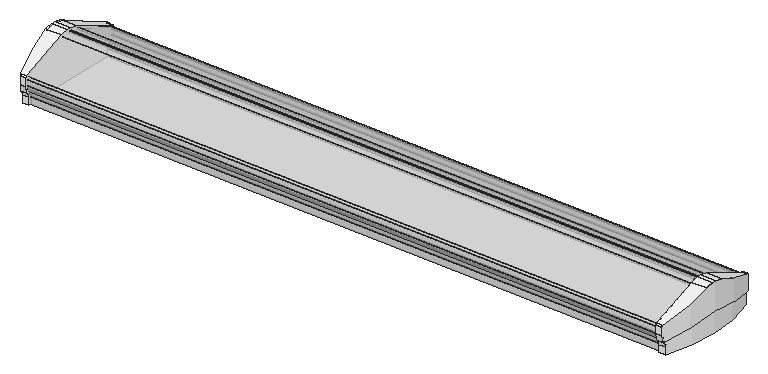
Revit family "0044881 Lighting Fixture_Sylvania_DeltaWing-LED-Emergency 3h_Ceiling Surface", category Lighting Fixtures, host Face, Revit 2017
Family settings
  Host = Face
  Round Connector Dimension = Use Diameter
  Part Type = Normal
  OmniClass Number = 23.80.70.11.17
  OmniClass Title = Specialized Lighting by Location or Use
  Cut with Voids When Loaded = No
  Light Source = Yes
  Shared = No
  Room Calculation Point = No
Parameters (values of type "DELTAWING LED72 EB 4K E3 1200")
  Width = 200.0 mm
  Weight = 3.60 kg
  Wattage = 64.8562 W
  built-in parameter 1150110 = 1 (stored number, unit not read)
  Voltage Comments = "UNV (Universal Voltage; 220-240 Volt)"  # constant formula
  Voltage = 230 V  # constant formula
  URL = "http://www.sylvania-lighting.com"
  built-in parameter 1114217 = 1 (stored number, unit not read)
  Tilt Angle = -90.00°
  built-in parameter 1150109 = 1 (stored number, unit not read)
  built-in parameter 1150134 = 12
  Ta Rating = "-10°C  to +25°C"  # constant formula
  built-in parameter 1150113 = 1 (stored number, unit not read)
  Product Page URL = "http://www.sylvania-lighting.com/product/en-int/products/0044881"
  Product Family = "DELTAWING LED - ELECTRONIC"  # constant formula
  Photometry Comments = ""
  Photometric Web File = "0044881_DELTAWINGLED72EB4KE31200-198009.ies"
  Luminous flux (emergency) = 580
  Life = "50 000h"  # constant formula
  Length = 1218.0 mm
  LOR = "100%"
  Inrush Current (max. quantity per 16A C breaker) = "20"  # constant formula
  IP Rating = "IP44"  # constant formula
  IK Rating = "IK08"  # constant formula
  Height = 85.0 mm
  Glow Wire Test = 850 °C  # constant formula
  Glare Control = "UGR<22"
  Emit from Line Length = Length - 2.0 mm * 29  # 1160.0 mm
  Electrical Protection = "Class I"  # constant formula
  Drive Current = "250mA"
  built-in parameter 1114216 [instance] = 1 (stored number, unit not read)
  Cap Material = Plastic_Sylvania_DeltaWing_White
  Model = "DELTAWING LED72 EB 4K E3 1200"
  Manufacturer = "Feilo Sylvania"
  built-in parameter 1150105 = 577.73 (stored number, unit not read)
  Lumens = 7260 lm
  built-in parameter 1150115 = 1 (stored number, unit not read)
  built-in parameter 1150137 = (empty or 0)
  built-in parameter 1150139 = (empty or 0)
  built-in parameter 1150112 = 1 (stored number, unit not read)
  built-in parameter 1150114 = 1 (stored number, unit not read)
  Lamp = "\tIntegrated LED"  # constant formula
  built-in parameter 1150132 = 2
  built-in parameter 1150102 = (empty or 0)
  built-in parameter 1150107 = 4000 (stored number, unit not read)
  built-in parameter 1150138 = (empty or 0)
  built-in parameter 1150106 = 5.7773 (stored number, unit not read)
  CRI (Ra) = "> 80"  # constant formula
  Body Material = Steel_Sylvania_DeltaWing_White
  built-in parameter 1150104 = 10.4 (stored number, unit not read)
  Dimming Lamp Color Temperature Shift = <None>
  Diffuser Material = Polycarbonate_Sylvania_DeltaWing_Opal_4000K
  Description = "Low profile surface and suspended LED diffuser luminaire DeltaWing LED is perfect to fulfil a wide range of applications, including educational environments, medical buildings, storage facilities and circulation areas including stairwells High performance: delivers up to 7,260lm (luminaire lumen output on 4,000K version), and up to 102lm/W (total system efficiency) Available in neutral white (4,000K) and warm white (3,000K) Smooth Polycarbonate extruded diffuser provides high efficiency, while minimising glare Precision prisms designed to optimise light output and reduce glare Options of non-dimmable, DALI, 3 hour maintained Emergency and Integrated Microwave sensor as standard Integrated Microwave sensor mounted discretely behind the diffuser helps further reduce energy and maintenance bills Suitable for suspended mounting using wire suspension kit (to be ordered seperately) BESA box connection possibility standard on product Long lifetime: 50,000 hours life at 70% of the original output L70 Energy class: A++, A+, A"  # constant formula
  Default Elevation = 0.0 mm
  Color Filter = 16777215
  Catalog Number = "0044881 DELTAWING LED72 EB 4K E3 1200"
  built-in parameter 1140040 [instance] = 1
  built-in parameter 1114218 = 1 (stored number, unit not read)
  built-in parameter 1150133 = 10 (stored number, unit not read)
  Assembly Code = "D5020200"
  Apparent Load = 74 VA
Reference planes
  plane 1 "Center (Front/Back)": y = 0
  plane 2 "Fixture Top": z = 0
  plane 3 "Center (Left/Right)": x = 0
  plane 4 "Fixture Left": x = -609
  plane 5 "Fixture Right": x = 609
  plane 6 "Fixture Back": y = 100
  plane 7 "Fixture Front": y = -100
  plane 8 "Cap left": x = -580
  plane 9 "Cap Right": x = 580
  plane 10 "Lamp Plane": z = 22
  plane 11 "Fixture Bottom": z = 85
  plane 12: y = 20
  plane 13: y = -20
Forms (mm)
  Extrusion 1, solid, material "Steel_Sylvania_DeltaWing_White" <- "Body Material", detail levels fine
    sketch origin (0, 0, 0) x (0, 1, 0) y (0, 0, 1)
      loop
        line (-88.5, 0) -> (88.5, 0) -> (88.5, 13.239) -> (90.848, 22) -> (88.777, 22) -> (86.5, 13.502) -> (86.5, 2) -> (-86.5, 2) -> (-86.5, 13.502) -> (-88.777, 22) -> (-90.848, 22) -> (-88.5, 13.239) -> (-88.5, 0)
    from -580 to 580
  Extrusion 2, solid, material "Polycarbonate_Sylvania_DeltaWing_Opal_4000K" <- "Diffuser Material", detail levels fine
    sketch origin (0, 0, 0) x (0, 1, 0) y (0, 0, 1)
      loop
        line (96, 33.502) -> (94.018, 26.104) -> (92.041, 26.455) -> (88.5, 13.239) -> (88.5, 0) -> (90.5, 0) -> (90.5, 12.975) -> (93.498, 24.165) -> (95.475, 23.815) -> (98, 33.238) -> (98, 44.42)
        arc (98, 44.42) -> (97.319, 46.653) -> (95.506, 48.125) r 4
        line (95.506, 48.125) -> (16.971, 80.055)
        arc (16.971, 80.055) -> (9.581, 82.257) -> (1.906, 83) r 40
        line (1.906, 83) -> (-1.906, 83)
        arc (-1.906, 83) -> (-9.581, 82.257) -> (-16.971, 80.055) r 40
        line (-16.971, 80.055) -> (-95.506, 48.125)
        arc (-95.506, 48.125) -> (-97.319, 46.653) -> (-98, 44.42) r 4
        line (-98, 44.42) -> (-98, 33.238) -> (-95.475, 23.815) -> (-93.498, 24.165) -> (-90.5, 12.975) -> (-90.5, 0) -> (-88.5, 0) -> (-88.5, 13.239) -> (-92.041, 26.455) -> (-94.018, 26.104) -> (-96, 33.502) -> (-96, 43.074)
        arc (-96, 43.074) -> (-95.319, 45.307) -> (-93.506, 46.779) r 4
        line (-93.506, 46.779) -> (-15.978, 78.299)
        arc (-15.978, 78.299) -> (-9.922, 80.17) -> (-3.638, 81) r 37.685
        line (-3.638, 81) -> (3.638, 81)
        arc (3.638, 81) -> (9.922, 80.17) -> (15.978, 78.299) r 37.685
        line (15.978, 78.299) -> (93.506, 46.779)
        arc (93.506, 46.779) -> (95.319, 45.307) -> (96, 43.074) r 4
        line (96, 43.074) -> (96, 33.502)
    from -580 to 580
  Extrusion 3, solid, material "Steel_Sylvania_DeltaWing_White" <- "Body Material", detail levels coarse+medium
    sketch origin (0, 0, 0) x (0, 1, 0) y (0, 0, 1)
      loop
        line (-16.971, 80.055) -> (-95.506, 48.125)
        arc (-95.506, 48.125) -> (-97.319, 46.653) -> (-98, 44.42) r 4
        line (-98, 44.42) -> (-98, 33.238) -> (-95.475, 23.815) -> (-93.498, 24.165) -> (-90.5, 12.975) -> (-90.5, 0) -> (90.5, 0) -> (90.5, 12.975) -> (93.498, 24.165) -> (95.475, 23.815) -> (98, 33.238) -> (98, 44.42)
        arc (98, 44.42) -> (97.319, 46.653) -> (95.506, 48.125) r 4
        line (95.506, 48.125) -> (16.971, 80.055)
        arc (16.971, 80.055) -> (9.581, 82.257) -> (1.906, 83) r 40
        line (1.906, 83) -> (-1.906, 83)
        arc (-1.906, 83) -> (-9.581, 82.257) -> (-16.971, 80.055) r 40
    from -580 to 580
Dimensions and locks
  equal spacing: plane 4 "Fixture Left", plane 3 "Center (Left/Right)", plane 5 "Fixture Right"
  "Length": plane 4 "Fixture Left" to plane 5 "Fixture Right"
  locked: plane 4 "Fixture Left" to plane 8 "Cap left" at 29
  locked: plane 9 "Cap Right" to plane 5 "Fixture Right" at 29
  "Height": plane 11 "Fixture Bottom" to plane 2 "Fixture Top"
  equal spacing: plane 6 "Fixture Back", plane 1 "Center (Front/Back)", plane 7 "Fixture Front"
  "Width": plane 6 "Fixture Back" to plane 7 "Fixture Front"
  equal spacing: plane 12, plane 1 "Center (Front/Back)", plane 13
  locked: Extrusion 1 sketch curve to Extrusion 1 sketch curve at 2
  locked: plane 10 "Lamp Plane" to Extrusion 1 sketch curve at 8.498  (x2)
  aligned and locked: level to host face
  aligned and locked: nested 1 to plane 1 "Center (Front/Back)"
  aligned and locked: nested 1 to plane 5 "Fixture Right"
  aligned and locked: nested 2 to plane 4 "Fixture Left"
  aligned and locked: plane 2 "Fixture Top" to Extrusion 1 sketch curve
  aligned and locked: Extrusion 1 to plane 8 "Cap left"
  aligned and locked: plane 9 "Cap Right" to Extrusion 1
  aligned and locked: Extrusion 2 to plane 8 "Cap left"
  aligned and locked: plane 9 "Cap Right" to Extrusion 2
  aligned and locked: Extrusion 3 sketch curve to Extrusion 2  (x2)
  aligned and locked: Extrusion 3 to plane 8 "Cap left"
  aligned and locked: plane 9 "Cap Right" to Extrusion 3
  aligned and locked: plane 2 "Fixture Top" to nested 2
  aligned and locked: nested 1 to plane 2 "Fixture Top"
  aligned and locked: plane 10 "Lamp Plane" to Extrusion 1 sketch curve  (x2)
  aligned and locked: Extrusion 3 sketch curve to plane 2 "Fixture Top"
  aligned and locked: plane 2 "Fixture Top" to Extrusion 2 sketch curve
  aligned and locked: Extrusion 2 sketch curve to plane 2 "Fixture Top"
  aligned and locked: imposter light to plane 1 "Center (Front/Back)"
  aligned and locked: plane 3 "Center (Left/Right)" to imposter light
  aligned and locked: plane 11 "Fixture Bottom" to imposter light
Automatic sketch dimensions
  host sketch curve to host sketch curve = 1713.741 mm
  host sketch curve to host sketch curve = 1283.632 mm
  plane 7 "Fixture Front" to Extrusion 2 sketch curve = 2.0 mm
  Extrusion 2 sketch curve to plane 10 "Lamp Plane" = 9.025 mm  (x2)
  Extrusion 2 sketch curve to Extrusion 2 sketch curve = 2.0 mm  (x8)
  Extrusion 2 sketch curve to Extrusion 2 sketch curve = 2.494 mm
  plane 10 "Lamp Plane" to Extrusion 2 sketch curve = 1.815 mm  (x2)
  plane 7 "Fixture Front" to Extrusion 2 sketch curve = 4.525 mm
  Extrusion 2 sketch curve to Extrusion 2 sketch curve = 1.457 mm  (x2)
  plane 10 "Lamp Plane" to Extrusion 2 sketch curve = 2.165 mm  (x2)
  Extrusion 2 sketch curve to Extrusion 2 sketch curve = 0.52 mm
  Extrusion 2 sketch curve to Extrusion 2 sketch curve = 1.977 mm  (x3)
  plane 7 "Fixture Front" to Extrusion 2 sketch curve = 9.5 mm
  plane 13 to Extrusion 2 sketch curve = 3.029 mm
  Extrusion 2 sketch curve to Extrusion 2 sketch curve = 0.993 mm  (x2)
  plane 1 "Center (Front/Back)" to Extrusion 2 sketch curve = 3.638 mm
  plane 1 "Center (Front/Back)" to Extrusion 2 sketch curve = 1.906 mm
  Extrusion 2 sketch curve to plane 1 "Center (Front/Back)" = 1.906 mm
  Extrusion 2 sketch curve to Extrusion 2 sketch curve = 1.732 mm
  plane 12 to Extrusion 2 sketch curve = 4.022 mm
  Extrusion 2 sketch curve to plane 6 "Fixture Back" = 11.5 mm
  Extrusion 2 sketch curve to plane 6 "Fixture Back" = 7.959 mm
  Extrusion 2 sketch curve to plane 6 "Fixture Back" = 6.494 mm
  Extrusion 2 sketch curve to plane 6 "Fixture Back" = 4.0 mm
  Extrusion 2 sketch curve to plane 6 "Fixture Back" = 2.0 mm
  Extrusion 2 sketch curve to Extrusion 2 sketch curve = 0.041 mm  (x2)
  Extrusion 2 sketch curve to Extrusion 2 sketch curve = 1.506 mm
  Extrusion 2 sketch curve to Extrusion 2 sketch curve = 0.494 mm
  Extrusion 2 sketch curve to Extrusion 2 sketch curve = 0.263 mm  (x4)
  Extrusion 2 sketch curve to Extrusion 2 sketch curve = 1.939 mm  (x2)
  Extrusion 2 sketch curve to Extrusion 2 sketch curve = 0.351 mm  (x2)
  Extrusion 2 sketch curve to Extrusion 2 sketch curve = 7.134 mm  (x2)
  Extrusion 2 sketch curve to Extrusion 2 sketch curve = 9.572 mm  (x2)
  Extrusion 2 sketch curve to Extrusion 2 sketch curve = 1.346 mm  (x2)
  Extrusion 2 sketch curve to plane 11 "Fixture Bottom" = 6.701 mm
  Extrusion 2 sketch curve to Extrusion 2 sketch curve = 0.0 mm
  Extrusion 2 sketch curve to Extrusion 2 sketch curve = 1.755 mm  (x2)
  Extrusion 2 sketch curve to Extrusion 2 sketch curve = 2.701 mm
  Extrusion 1 sketch curve to Extrusion 1 sketch curve = 2.0 mm  (x2)
  Extrusion 1 sketch curve to Extrusion 1 sketch curve = 0.263 mm  (x2)
  Extrusion 1 sketch curve to Extrusion 1 sketch curve = 2.071 mm  (x2)
  plane 7 "Fixture Front" to Extrusion 1 sketch curve = 9.152 mm
  plane 13 to Extrusion 3 sketch curve = 3.029 mm
  Extrusion 3 sketch curve to Extrusion 3 sketch curve = 1.506 mm  (x2)
  Extrusion 3 sketch curve to Extrusion 3 sketch curve = 11.181 mm  (x2)
  plane 10 "Lamp Plane" to Extrusion 3 sketch curve = 1.815 mm  (x2)
  plane 7 "Fixture Front" to Extrusion 3 sketch curve = 4.525 mm
  plane 10 "Lamp Plane" to Extrusion 3 sketch curve = 2.165 mm  (x2)
  Extrusion 3 sketch curve to Extrusion 3 sketch curve = 1.977 mm  (x2)
  plane 7 "Fixture Front" to Extrusion 3 sketch curve = 9.5 mm
  Extrusion 3 sketch curve to plane 10 "Lamp Plane" = 9.025 mm  (x2)
  plane 1 "Center (Front/Back)" to Extrusion 3 sketch curve = 1.906 mm
  plane 10 "Lamp Plane" to Extrusion 3 sketch curve = 21.0 mm
  plane 12 to Extrusion 3 sketch curve = 3.029 mm
  Extrusion 3 sketch curve to plane 1 "Center (Front/Back)" = 1.906 mm
  Extrusion 3 sketch curve to plane 6 "Fixture Back" = 4.494 mm
  Extrusion 3 sketch curve to Extrusion 3 sketch curve = 0.0 mm
  plane 10 "Lamp Plane" to Extrusion 3 sketch curve = 26.125 mm
  Extrusion 3 sketch curve to plane 6 "Fixture Back" = 2.0 mm
  Extrusion 3 sketch curve to plane 6 "Fixture Back" = 4.525 mm
  Extrusion 3 sketch curve to plane 6 "Fixture Back" = 9.5 mm
  Extrusion 1 sketch curve to plane 6 "Fixture Back" = 11.223 mm
  plane 7 "Fixture Front" to Extrusion 1 sketch curve = 11.5 mm
  Extrusion 1 sketch curve to plane 6 "Fixture Back" = 13.5 mm
Nested families
  nested 1: "Cap" at (580, 0, 0) x (0, 1, 0) z (0, 0, 1), type "Type"
  nested 2: "Cap" at (-580, 0, 0) x (0, 1, 0) z (0, 0, 1), type "Type"
Connectors
  electrical at (0, 0, 0), driven by "Voltage", driven by "Apparent Load"
    settings: on Extrusion 1, index 1, voltage 230 V, apparent load 0 VA, apparent load phase1 74 VA, apparent load phase2 0 VA, apparent load phase3 0 VA, power factor 1, load classification "Lighting", number of poles 1, system type 31, power factor state 1, is connector primary yes, connector utility no, sub classification motor no, connector description ""
Definition of nested family "Cap"
  Parameters
    Height = 85.0 mm
    Width = 200.0 mm
    Default Elevation = 0.0 mm
    Cap Material = none
  Reference planes
    plane 1 "Center (Front/Back)": y = 0
    plane 2: z = 0
    plane 3 "Center (Left/Right)": x = 0
    plane 4: x = 100
    plane 5: x = -100
    plane 6: y = -29
    plane 7: y = -10
    plane 8: z = 85
    plane 9: z = 17
    plane 10: z = 22
    plane 11: z = 37
  Forms (mm)
    Extrusion 1, solid, material <- "Cap Material"
      sketch origin (0, 0, 0) x (1, 0, 0) y (0, 1, 0)
        loop
          line (-100, 0) -> (-100, -10)
          arc (-100, -10) -> (0, -28.818) -> (100, -10) r 275.114
          line (100, -10) -> (100, 0) -> (-100, 0)
      from 0 to 85
    Extrusion 2, void
      sketch origin (0, 0, 0) x (1, 0, 0) y (0, 0, 1)
        loop
          line (-92.5, 0) -> (-92.5, 12.712) -> (-94.955, 21.876) -> (-96.887, 21.358) -> (-101.913, 40.115)
          arc (-101.913, 40.115) -> (-101.345, 45.755) -> (-97.183, 49.603) r 8
          line (-97.183, 49.603) -> (-17.481, 82.006)
          arc (-17.481, 82.006) -> (-8.901, 84.444) -> (0, 85) r 41.685
          arc (0, 85) -> (8.901, 84.444) -> (17.481, 82.006) r 41.685
          line (17.481, 82.006) -> (97.183, 49.603)
          arc (97.183, 49.603) -> (101.345, 45.755) -> (101.913, 40.115) r 8
          line (101.913, 40.115) -> (96.887, 21.358) -> (94.955, 21.876) -> (92.5, 12.712) -> (92.5, 0) -> (117.5, 0) -> (117.5, 106.013) -> (-117.5, 106.013) -> (-117.5, 0) -> (-92.5, 0)
      from 0 to 250
    Extrusion 3, void
      sketch origin (0, 0, 0) x (1, 0, 0) y (0, 0, 1)
        loop
          line (-94.955, 21.876) -> (-100, 20.524) -> (-100, 0) -> (100, 0) -> (100, 20.524) -> (94.955, 21.876) -> (10.419, 36.87)
          arc (10.419, 36.87) -> (0, 37.781) -> (-10.419, 36.87) r 60
          line (-10.419, 36.87) -> (-94.955, 21.876)
      from -68.585 to 250
    Extrusion 4, solid, material <- "Cap Material"
      sketch origin (0, 0, 0) x (1, 0, 0) y (0, 1, 0)
        loop
          line (-100, 0) -> (-100, -9.525)
          arc (-100, -9.525) -> (0.169, -27.445) -> (100, -7.727) r 275.114
          line (100, -7.727) -> (100, 0) -> (-100, 0)
      from 0 to 85
    Extrusion 5, void
      sketch origin (0, 0, 0) x (1, 0, 0) y (0, 0, 1)
        loop
          line (-92.5, 0) -> (-92.5, 12.712) -> (-94.955, 21.876) -> (-96.887, 21.358) -> (-101.913, 40.115)
          arc (-101.913, 40.115) -> (-101.345, 45.755) -> (-97.183, 49.603) r 8
          line (-97.183, 49.603) -> (-17.481, 82.006)
          arc (-17.481, 82.006) -> (-8.901, 84.444) -> (0, 85) r 41.685
          arc (0, 85) -> (8.901, 84.444) -> (17.481, 82.006) r 41.685
          line (17.481, 82.006) -> (97.183, 49.603)
          arc (97.183, 49.603) -> (101.345, 45.755) -> (101.913, 40.115) r 8
          line (101.913, 40.115) -> (96.887, 21.358) -> (94.955, 21.876) -> (92.5, 12.712) -> (92.5, 0) -> (117.5, 0) -> (117.5, 106.013) -> (-117.5, 106.013) -> (-117.5, 0) -> (-92.5, 0)
      from 0 to 250
  Cuts and joins
    Extrusion 2, Extrusion 3, Extrusion 5 cuts Extrusion 1
    Extrusion 5 cuts Extrusion 4
    joined: Extrusion 1, Extrusion 4
  Dimensions and locks
    equal spacing: plane 5, plane 3 "Center (Left/Right)", plane 4
    "Width": plane 5 to plane 4
    locked: plane 1 "Center (Front/Back)" to plane 6 at 29
    plane 1 "Center (Front/Back)" to plane 7 = 10.0 mm
    "Height": plane 8 to level
    plane 9 to plane 2 = 17.0 mm
    plane 10 to plane 9 = 5.0 mm
    Extrusion 2 sketch curve to plane 5 = 7.5 mm
    aligned and locked: level to plane 2
    aligned and locked: plane 1 "Center (Front/Back)" to Extrusion 1 sketch curve
    aligned and locked: Extrusion 1 sketch curve to plane 5
    aligned and locked: Extrusion 1 sketch curve to plane 4
    aligned and locked: plane 7 to Extrusion 1 sketch curve  (x2)
    aligned and locked: Extrusion 1 to plane 2
    aligned and locked: plane 8 to Extrusion 1
  Automatic sketch dimensions
    Extrusion 1 sketch curve to plane 1 "Center (Front/Back)" = 246.296 mm
    Extrusion 2 sketch curve to plane 5 = 17.5 mm
    Extrusion 2 sketch curve to plane 9 = 4.288 mm
    Extrusion 2 sketch curve to plane 3 "Center (Left/Right)" = 0.0 mm
    Extrusion 2 sketch curve to plane 8 = 0.0 mm
    Extrusion 2 sketch curve to plane 5 = 1.913 mm
    plane 5 to Extrusion 2 sketch curve = 2.817 mm
    plane 10 to Extrusion 2 sketch curve = 0.642 mm  (x2)
    plane 5 to Extrusion 2 sketch curve = 3.113 mm
    plane 10 to Extrusion 2 sketch curve = 0.124 mm  (x2)
    Extrusion 2 sketch curve to plane 8 = 2.994 mm  (x2)
    Extrusion 2 sketch curve to plane 3 "Center (Left/Right)" = 17.481 mm
    plane 3 "Center (Left/Right)" to Extrusion 2 sketch curve = 17.481 mm
    Extrusion 2 sketch curve to plane 4 = 7.5 mm
    Extrusion 2 sketch curve to plane 4 = 5.045 mm
    Extrusion 2 sketch curve to Extrusion 2 sketch curve = 1.932 mm
    Extrusion 2 sketch curve to plane 4 = 2.817 mm
    plane 4 to Extrusion 2 sketch curve = 1.913 mm
    plane 4 to Extrusion 2 sketch curve = 17.5 mm
    plane 5 to Extrusion 2 sketch curve = 5.814 mm
    Extrusion 2 sketch curve to plane 3 "Center (Left/Right)" = 1.865 mm
    plane 3 "Center (Left/Right)" to Extrusion 2 sketch curve = 1.865 mm
    Extrusion 2 sketch curve to plane 4 = 5.814 mm
    Extrusion 2 sketch curve to Extrusion 2 sketch curve = 9.488 mm  (x2)
    plane 8 to Extrusion 2 sketch curve = 21.013 mm
    Extrusion 2 sketch curve to level = 0.0 mm  (x2)
    Extrusion 3 sketch curve to plane 3 "Center (Left/Right)" = 0.0 mm
    plane 10 to Extrusion 3 sketch curve = 0.124 mm  (x2)
    Extrusion 3 sketch curve to plane 3 "Center (Left/Right)" = 10.419 mm
    plane 3 "Center (Left/Right)" to Extrusion 3 sketch curve = 10.419 mm
    plane 11 to Extrusion 3 sketch curve = 0.13 mm
    plane 10 to Extrusion 3 sketch curve = 1.476 mm  (x2)
    Extrusion 3 sketch curve to level = 0.0 mm
    Extrusion 3 sketch curve to plane 5 = 0.0 mm
    Extrusion 3 sketch curve to Extrusion 3 sketch curve = 22.219 mm
    plane 5 to Extrusion 3 sketch curve = 5.045 mm
    Extrusion 3 sketch curve to plane 4 = 5.045 mm
    plane 4 to Extrusion 3 sketch curve = 0.0 mm
    plane 1 "Center (Front/Back)" to Extrusion 4 sketch curve = 0.0 mm
    Extrusion 4 sketch curve to plane 5 = 0.0 mm
    Extrusion 4 sketch curve to plane 4 = 0.0 mm
    plane 7 to Extrusion 4 sketch curve = 2.273 mm
    plane 7 to Extrusion 4 sketch curve = 0.475 mm
    Extrusion 4 sketch curve to plane 1 "Center (Front/Back)" = 247.658 mm
    Extrusion 5 sketch curve to level = 0.0 mm  (x2)
    Extrusion 5 sketch curve to plane 5 = 17.5 mm
    Extrusion 5 sketch curve to plane 9 = 4.288 mm  (x2)
    Extrusion 5 sketch curve to plane 3 "Center (Left/Right)" = 0.0 mm
    Extrusion 5 sketch curve to plane 8 = 0.0 mm
    Extrusion 5 sketch curve to plane 5 = 1.913 mm
    plane 5 to Extrusion 5 sketch curve = 2.817 mm
    plane 10 to Extrusion 5 sketch curve = 0.642 mm  (x2)
    plane 5 to Extrusion 5 sketch curve = 3.113 mm
    plane 10 to Extrusion 5 sketch curve = 0.124 mm  (x2)
    Extrusion 5 sketch curve to Extrusion 5 sketch curve = 1.932 mm
    Extrusion 5 sketch curve to plane 8 = 2.994 mm  (x2)
    Extrusion 5 sketch curve to plane 3 "Center (Left/Right)" = 17.481 mm
    plane 3 "Center (Left/Right)" to Extrusion 5 sketch curve = 17.481 mm
    Extrusion 5 sketch curve to plane 4 = 7.5 mm
    Extrusion 5 sketch curve to plane 4 = 5.045 mm
    Extrusion 5 sketch curve to plane 4 = 2.817 mm
    plane 4 to Extrusion 5 sketch curve = 1.913 mm
    plane 4 to Extrusion 5 sketch curve = 17.5 mm
    plane 5 to Extrusion 5 sketch curve = 5.814 mm
    Extrusion 5 sketch curve to plane 3 "Center (Left/Right)" = 1.865 mm
    plane 3 "Center (Left/Right)" to Extrusion 5 sketch curve = 1.865 mm
    Extrusion 5 sketch curve to plane 4 = 5.814 mm
    Extrusion 5 sketch curve to Extrusion 5 sketch curve = 9.488 mm  (x2)
    plane 8 to Extrusion 5 sketch curve = 21.013 mm
